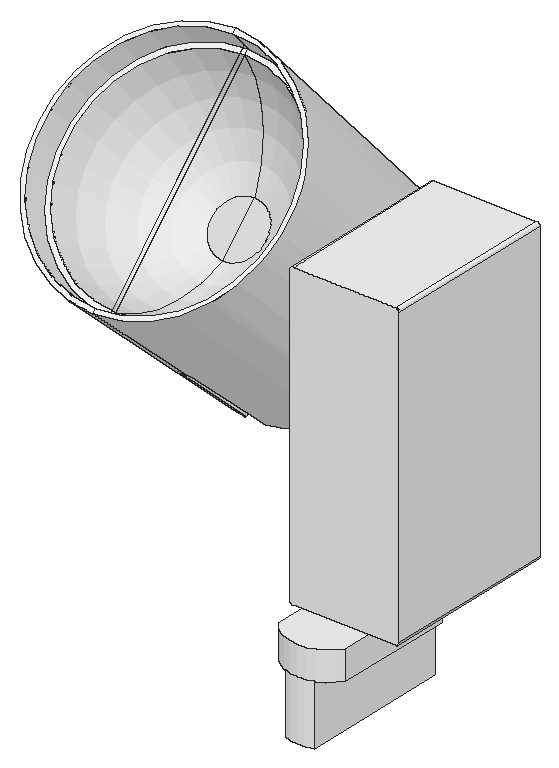
Revit family "0004865 Feilo Sylvania Lighting Fixture START TRACK SPOT L 35W 3K RA90 NB WHITE", category Lighting Fixtures, host Face, Revit 2017
Family settings
  Host = Face
  Round Connector Dimension = Use Diameter
  Part Type = Normal
  OmniClass Number = 23.80.70.00
  OmniClass Title = Lighting
  Cut with Voids When Loaded = No
  Light Source = No
  Shared = No
  Room Calculation Point = No
Parameters (values of type "0004865 START TRACK SPOT L 35W 3K RA90 NB WHITE")
  Weight = "1.368 kg"
  Wattage Comments = ""
  WarrantyStartDate [instance] = "n/a"
  WarrantyGuarantorParts = "n/a"
  WarrantyDurationUnit = "n/a"
  WarrantyDurationParts = "n/a"
  WarrantyDescription = "n/a"
  Voltage = 230 V
  URL = "http://www.sylvania-lighting.com"
  TypeName = "START TRACK SPOT L 35W 3K RA90 NB WHITE"
  TypeHead_FEILO = Start Track Spot Head : 0004865 START TRACK SPOT L 35W 3K RA90 NB WHITE
  TypeBox_FEILO = Start Track Spot Box : Type Large White
  Type Image = <None>
  Type Comments = "n/a"
  VerticalRotation_FEILO [instance] = 0.00°
  SlideEndAngle_FEILO [instance] = VerticalRotation_FEILO + 180.00°  # 180.00°
  SerialNumber [instance] = "n/a"
  Material_3_FEILO = none
  PowerFactor = 0.93
  PowerConsumption = "35 W"
  NominalLength = 0 mm
  NominalHeight = 240 mm
  NominalDepth = 164 mm
  Name = "START TRACK SPOT L 35W 3K RA90 NB WHITE"
  ModelReference = Name  # "START TRACK SPOT L 35W 3K RA90 NB WHITE"
  ModelNumber = "0004865"
  Model = Name  # "START TRACK SPOT L 35W 3K RA90 NB WHITE"
  Material = "adc12 aluminium housing, polycarbonate diffuser"
  ManufacturerName = "Feilo Sylvania"
  Manufacturer = "Feilo Sylvania"
  LuminousEfficacy = "94 lm/W"
  LuminaireType = ""
  LightOutputRatio = "100"
  LampsType = Lamp  # "LED"
  LampNominalLuminous = "3287 lm"
  LampMacAdamStep = "3"
  LampColourTemperature = "3000 K"
  LampColourRenderingIndex = "90"
  Lamp = "LED"
  Keynote = "16500"
  InstallationDate [instance] = "n/a"
  InputVoltage = "230-240V~"
  InputNominalFrequency = "50/60 Hz"
  IngressProtection = "IP20"
  ImpactProtectionIndex = "IK02"
  IfcExportType = "IfcLightFixtureType"
  IfcExportAs = "IfcLightFixtureType"
  HorizontalRotation_FEILO [instance] = 45.00°
  ExpectedLife = 50000
  ElectricShockClassification = "Class II"
  DurationUnit = "hours"
  DocumentationLiterature = "http://www.sylvania-lighting.com/product/en-int/products/0004865"
  DimmingControlOptions = "Non dimmable"
  Material_2_FEILO = none
  Description = "Integrated LED spotlight, Textured White - RAL9016, compact and minimalist design, ideal for retail applications, die-cast aluminium body, passive cooling heatsink. Beam angle: 15°, color temperature: 3000K , total system power: 35W, total fixture output: 3287 lm, LOR: 100%, colour rendering: Ra: 90 typical, LED Chromaticity: 3 step MacAdam ellipse, lifetime: >50000 hours at L70B50, energy class: A++, A+, A, IR/UV free light source without heat radiation, operating voltage: 220-240V / 50-60Hz, drive current: 900mA, electronic driver, non-dimmable, power factor: 0.93, electrical protection: Class II, Global Track 3 Phase adapter suitable for Global trac 3-circuit tracks, ingress protection rating: IP20, suitable for internal environment only, horizontal rotation: 355°, vertical tilt: 90°, dimensions: Ø113x164x240, weight: 1.368kg."
  Default Elevation = 1219.2 mm
  CreatedOn = "12/12/2017"
  CreatedBy = ""
  Cost = 0
  built-in parameter 1114216 [instance] = (empty or 0)
  ClassificationValue = "EF_70_80"
  ClassificationName = "Uniclass2015"
  Material_1_FEILO = Body-Sylvania-StartTrackSpot-White
  BarCode [instance] = "n/a"
  AssetType = "Fixed"
  AssetIdentifier [instance] = "n/a"
  Assembly Code = "D5020200"
  Apparent Load = 35 VA
  Material_4_FEILO = none
Reference planes
  plane 1 "Center (Front/Back)": y = 0
  plane 2: z = 0
  plane 3 "Center (Left/Right)": x = 0
  plane 4: x = 15
  plane 5: x = -15
  plane 6: y = 35
  plane 7: y = -35
  plane 8: z = 13
  plane 9: z = -27
  plane 10: x = 6.5
  plane 11: x = -6.5
  plane 12: y = 27
  plane 13: y = -27
  plane 14: y = 20
Forms (mm)
  Extrusion 1, solid, material "Body-Sylvania-StartTrackSpot-White" <- "Material_1_FEILO"
    sketch origin (0, 0, 0) x (1, 0, 0) y (0, 1, 0)
      loop
        line (-15, 27) -> (-15, -27)
        arc (-15, -27) -> (0, -35) -> (15, -27) r 18.062
        line (15, -27) -> (15, 27)
        arc (15, 27) -> (0, 35) -> (-15, 27) r 18.062
    from 0 to 13
  Extrusion 2, solid, material "Body-Sylvania-StartTrackSpot-White" <- "Material_1_FEILO"
    sketch origin (0, 0, 0) x (1, 0, 0) y (0, 1, 0)
      loop
        arc (6.5, 33.79) -> (0, 35) -> (-6.5, 33.79) r 18.062
        line (-6.5, 33.79) -> (-6.5, -33.79)
        arc (-6.5, -33.79) -> (0, -35) -> (6.5, -33.79) r 18.062
        line (6.5, -33.79) -> (6.5, 33.79)
    from 0 to -27
  Revolve 3, solid, not visible
    sketch origin (1524, 20, 1219.2) x (1, 0, 0) y (0, 0, 1)
      loop
        line (-1524, -1206.2) -> (-1524, -1191.285) -> (-1530.5, -1191.285) -> (-1530.5, -1206.2) -> (-1524, -1206.2)
      axis (-1524, -1191.285) -> (-1524, -1206.2)
    angle from 0 <- "VerticalRotation_FEILO" to 180 <- "SlideEndAngle_FEILO"
Cuts and joins
  joined: Extrusion 1, Extrusion 2
Dimensions and locks
  equal spacing: plane 10, plane 3 "Center (Left/Right)", plane 11
  equal spacing: plane 4, plane 3 "Center (Left/Right)", plane 5
  locked: plane 8 to plane 2 at 13
  locked: plane 8 to plane 9 at 40
  equal spacing: plane 13, plane 1 "Center (Front/Back)", plane 12
  locked: plane 12 to plane 6 at 8
  locked: plane 14 to plane 6 at 15
  locked: Revolve 3 sketch curve to plane 8 at 14.915
  aligned and locked: plane 2 to host face
  aligned and locked: level to host face
  aligned and locked: plane 5 to Extrusion 1 sketch curve  (x2)
  aligned and locked: plane 12 to Extrusion 1 sketch curve
  aligned and locked: plane 13 to Extrusion 1 sketch curve
  aligned and locked: plane 4 to Extrusion 1 sketch curve
  aligned and locked: Extrusion 1 to plane 8
  aligned and locked: Extrusion 1 to level
  aligned and locked: Extrusion 2 sketch curve to Extrusion 1  (x2)
  aligned and locked: Extrusion 2 sketch curve to plane 11
  aligned and locked: plane 10 to Extrusion 2 sketch curve
  aligned and locked: plane 9 to Extrusion 2
  aligned and locked: level to Extrusion 2
  aligned and locked: Revolve 3 sketch curve to plane 3 "Center (Left/Right)"  (x2)
  aligned and locked: plane 11 to Revolve 3 sketch curve
  aligned and locked: Revolve 3 sketch curve to plane 8
Automatic sketch dimensions
  host sketch curve to host sketch curve = 2438.4 mm  (x2)
  Extrusion 1 sketch curve to plane 3 "Center (Left/Right)" = 0 mm  (x2)
  Extrusion 1 sketch curve to plane 13 = 10.062 mm
  plane 12 to Extrusion 1 sketch curve = 10.062 mm
  Revolve 3 sketch curve to plane 3 "Center (Left/Right)" = 0 mm
  plane 9 to Revolve 3 sketch curve = 582.6 mm
  Revolve 3 sketch curve to Revolve 3 sketch curve = 2581.144 mm
Nested families
  nested 1: "Start Track Spot Head" at (-75.5, 20, 133) x (0, 0.7071, 0.7071) z (0, 0.7071, -0.7071), type <- "TypeHead_FEILO", type "0004865 START TRACK SPOT L 35W 3K RA90 NB WHITE"
    with built-in parameter 1114216 (empty or 0)
  nested 2: "Start Track Spot Box" at (8.5, 20, 85) x (-1, 0, 0) z (0, -1, 0), BoxStartAngle_FEILO <- "HorizontalRotation_FEILO", type <- "TypeBox_FEILO", type "Type Large White"
    with BoxStartAngle_FEILO 45.00°, BoxEndAngle_FEILO -135.00°
Connectors
  electrical at (0, 0, 0), driven by "Apparent Load", driven by "PowerFactor", driven by "Voltage"
    settings: index 1, voltage 230 V, apparent load 35 VA, apparent load phase1 0 VA, apparent load phase2 0 VA, apparent load phase3 0 VA, power factor 0.93, load classification "Lighting", number of poles 1, system type 30, power factor state 1, is connector primary yes, connector utility no, sub classification motor no, connector description ""
Definition of nested family "Start Track Spot Head"
  Parameters (values of type "0004811 START TRACK SPOT S 14W 3K RA80 NB WHITE")
    Wattage Comments = "n/a"
    Wattage = 14 W
    built-in parameter 1150110 = 1 (stored number, unit not read)
    URL = "http://www.feilosylvania.com"
    Type Image = (empty or 0)
    Type Comments = "n/a"
    built-in parameter 1114217 = 1 (stored number, unit not read)
    Tilt Angle = -90.00°
    built-in parameter 1150109 = 1 (stored number, unit not read)
    built-in parameter 1150134 = (empty or 0)
    built-in parameter 1150113 = 1 (stored number, unit not read)
    Photometric Web File = "0004811.ies"
    Material_3_FEILO = none
    Model = "START TRACK SPOT S 14W 3K RA80 NB WHITE"
    Manufacturer = "Feilo Sylvania"
    built-in parameter 1150105 = 123.66 (stored number, unit not read)
    Lumens = 1554 lm
    built-in parameter 1150115 = 1 (stored number, unit not read)
    built-in parameter 1150137 = (empty or 0)
    built-in parameter 1150139 = (empty or 0)
    built-in parameter 1150112 = 1 (stored number, unit not read)
    built-in parameter 1150114 = 1 (stored number, unit not read)
    Lamp = "LED"
    Keynote = "16500"
    Material_2_FEILO = none
    built-in parameter 1150132 = (empty or 0)
    built-in parameter 1150102 = (empty or 0)
    built-in parameter 1150107 = 3000 (stored number, unit not read)
    built-in parameter 1150138 = (empty or 0)
    built-in parameter 1150106 = 1.2366 (stored number, unit not read)
    HeadThickness_FEILO = if(HeadDiaOut_FEILO > 112 mm, 2 mm, 1.5 mm)  # 1.5 mm
    HeadRibOffset_FEILO = HeadHeight_FEILO / 28  # 4.179 mm
    HeadRibDepth_FEILO = HeadHeight_FEILO / 2.1  # 55.714 mm
    HeadRibCutWidth_FEILO = HeadDiaOut_FEILO / 12  # 7.167 mm
    HeadRibCutOffset_FEILO = HeadHeight_FEILO / 2.3  # 50.87 mm
    HeadReflectorRadius_FEILO = HeadDiaOut_FEILO / 1.7  # 50.588 mm
    HeadReflectorOffset_FEILO = HeadHeight_FEILO / 2.1  # 55.714 mm
    HeadLEDRadius_FEILO = HeadDiaOut_FEILO / 9  # 9.556 mm
    HeadHeight_FEILO = 117 mm
    HeadDraft_FEILO = 1 mm
    HeadDiffusorThickness_FEILO = 3 mm
    HeadDiffusorOffset_FEILO = HeadHeight_FEILO / 12.4  # 9.435 mm
    HeadDiaOut_FEILO = 86 mm
    HeadDiaIn_FEILO = HeadDiaOut_FEILO / 1.11  # 77.477 mm
    HeadAxisFromTop_FEILO = HeadHeight_FEILO / 1.687  # 69.354 mm
    Emit from Circle Diameter = HeadDiaIn_FEILO  # 77.477 mm
    Emit Shape Visible in Rendering = no
    built-in parameter 1150104 = 10.312 (stored number, unit not read)
    Dimming Lamp Color Temperature Shift = (empty or 0)
    Description = "Integrated LED spotlight, Textured White - RAL9016, compact and minimalist design, ideal for retail applications, die-cast aluminium body, passive cooling heatsink. Beam angle: 12°, color temperature: 3000K , total system power: 14W, total fixture output: 1551 lm, LOR: 100%, colour rendering: Ra: 80 typical, LED Chromaticity: 3 step MacAdam ellipse, lifetime: >50000 hours at L70B50, energy class: A++, A+, A, IR/UV free light source without heat radiation, operating voltage: 220-240V / 50-60Hz, drive current: 350mA, electronic driver, non-dimmable, power factor: 0.92, electrical protection: Class II, Global Track 3 Phase adapter suitable for Global trac 3-circuit tracks, ingress protection rating: IP20, suitable for internal environment only, horizontal rotation: 355°, vertical tilt: 90°, dimensions: Ø86x140x200, weight: 0.940kg."
    Default Elevation = 1219.2 mm
    Cost = 0
    Color Filter = 16777215
    built-in parameter 1114216 [instance] = (empty or 0)
    Material_1_FEILO = none
    built-in parameter 1114218 = 1 (stored number, unit not read)
    built-in parameter 1150133 = 10 (stored number, unit not read)
    Assembly Code = "D5020200"
    Apparent Load = 14 VA
    Material_4_FEILO = none
  Types (96, lengths in mm): name | Wattage | built-in parameter 1150134 | Photometric Web File | Model | built-in parameter 1150105 | Lumens | built-in parameter 1150107 | built-in parameter 1150106 | HeadThickness_FEILO | HeadRibOffset_FEILO | HeadRibDepth_FEILO | HeadRibCutWidth_FEILO | HeadRibCutOffset_FEILO | HeadReflectorRadius_FEILO | HeadReflectorOffset_FEILO | HeadLEDRadius_FEILO | HeadHeight_FEILO | HeadDiffusorOffset_FEILO | HeadDiaOut_FEILO | HeadDiaIn_FEILO | HeadAxisFromTop_FEILO | Emit from Circle Diameter | built-in parameter 1150104 | Description | Apparent Load
    0004906 START TRACK SPOT L 55W 4K RA90 WB BLACK | 55 W | 12 | "0004906.ies" | "START TRACK SPOT L 55W 4K RA90 WB BLACK" | 385.15 (stored number, unit not read) | 4840 lm | 4000 (stored number, unit not read) | 3.8515 (stored number, unit not read) | 2 | 4.429 | 59.048 | 9.417 | 53.913 | 66.471 | 59.048 | 12.556 | 124 | 10 | 113 | 101.802 | 73.503 | 101.802 | 8.1755 (stored number, unit not read) | "Integrated LED spotlight, Textured Black - RAL9005, compact and minimalist design, ideal for retail applications, die-cast aluminium body, passive cooling heatsink. Beam angle: 52°, color temperature: 4000K , total system power: 55W, total fixture output: 4824 lm, LOR: 100%, colour rendering: Ra: 90 typical, LED Chromaticity: 3 step MacAdam ellipse, lifetime: >50000 hours at L70B50, energy class: A++, A+, A, IR/UV free light source without heat radiation, operating voltage: 220-240V / 50-60Hz, drive current: 1400mA, electronic driver, non-dimmable, power factor: 0.96, electrical protection: Class II, Global Track 3 Phase adapter suitable for Global trac 3-circuit tracks, ingress protection rating: IP20, suitable for internal environment only, horizontal rotation: 355°, vertical tilt: 90°, dimensions: Ø113x164x240, weight: 1.398kg." | 55 VA
    0004905 START TRACK SPOT L 55W 4K RA90 MB BLACK | 55 W | 12 | "0004905.ies" | "START TRACK SPOT L 55W 4K RA90 MB BLACK" | 389.53 (stored number, unit not read) | 4895 lm | 4000 (stored number, unit not read) | 3.8953 (stored number, unit not read) | 2 | 4.429 | 59.048 | 9.417 | 53.913 | 66.471 | 59.048 | 12.556 | 124 | 10 | 113 | 101.802 | 73.503 | 101.802 | 8.2684 (stored number, unit not read) | "Integrated LED spotlight, Textured Black - RAL9005, compact and minimalist design, ideal for retail applications, die-cast aluminium body, passive cooling heatsink. Beam angle: 38°, color temperature: 4000K , total system power: 55W, total fixture output: 4897 lm, LOR: 100%, colour rendering: Ra: 90 typical, LED Chromaticity: 3 step MacAdam ellipse, lifetime: >50000 hours at L70B50, energy class: A++, A+, A, IR/UV free light source without heat radiation, operating voltage: 220-240V / 50-60Hz, drive current: 1400mA, electronic driver, non-dimmable, power factor: 0.96, electrical protection: Class II, Global Track 3 Phase adapter suitable for Global trac 3-circuit tracks, ingress protection rating: IP20, suitable for internal environment only, horizontal rotation: 355°, vertical tilt: 90°, dimensions: Ø113x164x240, weight: 1.398kg." | 55 VA
    0004904 START TRACK SPOT L 55W 4K RA90 NB BLACK | 55 W | 12 | "0004904.ies" | "START TRACK SPOT L 55W 4K RA90 NB BLACK" | 393.91 (stored number, unit not read) | 4950 lm | 4000 (stored number, unit not read) | 3.9391 (stored number, unit not read) | 2 | 4.429 | 59.048 | 9.417 | 53.913 | 66.471 | 59.048 | 12.556 | 124 | 10 | 113 | 101.802 | 73.503 | 101.802 | 8.3613 (stored number, unit not read) | "Integrated LED spotlight, Textured Black - RAL9005, compact and minimalist design, ideal for retail applications, die-cast aluminium body, passive cooling heatsink. Beam angle: 15°, color temperature: 4000K , total system power: 55W, total fixture output: 4965 lm, LOR: 100%, colour rendering: Ra: 90 typical, LED Chromaticity: 3 step MacAdam ellipse, lifetime: >50000 hours at L70B50, energy class: A++, A+, A, IR/UV free light source without heat radiation, operating voltage: 220-240V / 50-60Hz, drive current: 1400mA, electronic driver, non-dimmable, power factor: 0.96, electrical protection: Class II, Global Track 3 Phase adapter suitable for Global trac 3-circuit tracks, ingress protection rating: IP20, suitable for internal environment only, horizontal rotation: 355°, vertical tilt: 90°, dimensions: Ø113x164x240, weight: 1.398kg." | 55 VA
    0004903 START TRACK SPOT L 35W 4K RA90 WB BLACK | 35 W | 12 | "0004903.ies" | "START TRACK SPOT L 35W 4K RA90 WB BLACK" | 284.09 (stored number, unit not read) | 3570 lm | 4000 (stored number, unit not read) | 2.8409 (stored number, unit not read) | 2 | 4.429 | 59.048 | 9.417 | 53.913 | 66.471 | 59.048 | 12.556 | 124 | 10 | 113 | 101.802 | 73.503 | 101.802 | 9.4761 (stored number, unit not read) | "Integrated LED spotlight, Textured Black - RAL9005, compact and minimalist design, ideal for retail applications, die-cast aluminium body, passive cooling heatsink. Beam angle: 52°, color temperature: 4000K , total system power: 35W, total fixture output: 3562 lm, LOR: 100%, colour rendering: Ra: 90 typical, LED Chromaticity: 3 step MacAdam ellipse, lifetime: >50000 hours at L70B50, energy class: A++, A+, A, IR/UV free light source without heat radiation, operating voltage: 220-240V / 50-60Hz, drive current: 900mA, electronic driver, non-dimmable, power factor: 0.93, electrical protection: Class II, Global Track 3 Phase adapter suitable for Global trac 3-circuit tracks, ingress protection rating: IP20, suitable for internal environment only, horizontal rotation: 355°, vertical tilt: 90°, dimensions: Ø113x164x240, weight: 1.368kg." | 35 VA
    0004902 START TRACK SPOT L 35W 4K RA90 MB BLACK | 35 W | 12 | "0004902.ies" | "START TRACK SPOT L 35W 4K RA90 MB BLACK" | 286.88 (stored number, unit not read) | 3605 lm | 4000 (stored number, unit not read) | 2.8688 (stored number, unit not read) | 2 | 4.429 | 59.048 | 9.417 | 53.913 | 66.471 | 59.048 | 12.556 | 124 | 10 | 113 | 101.802 | 73.503 | 101.802 | 9.569 (stored number, unit not read) | "Integrated LED spotlight, Textured Black - RAL9005, compact and minimalist design, ideal for retail applications, die-cast aluminium body, passive cooling heatsink. Beam angle: 38°, color temperature: 4000K , total system power: 35W, total fixture output: 3616 lm, LOR: 100%, colour rendering: Ra: 90 typical, LED Chromaticity: 3 step MacAdam ellipse, lifetime: >50000 hours at L70B50, energy class: A++, A+, A, IR/UV free light source without heat radiation, operating voltage: 220-240V / 50-60Hz, drive current: 900mA, electronic driver, non-dimmable, power factor: 0.93, electrical protection: Class II, Global Track 3 Phase adapter suitable for Global trac 3-circuit tracks, ingress protection rating: IP20, suitable for internal environment only, horizontal rotation: 355°, vertical tilt: 90°, dimensions: Ø113x164x240, weight: 1.368kg." | 35 VA
    0004901 START TRACK SPOT L 35W 4K RA90 NB BLACK | 35 W | 12 | "0004901.ies" | "START TRACK SPOT L 35W 4K RA90 NB BLACK" | 286.88 (stored number, unit not read) | 3605 lm | 4000 (stored number, unit not read) | 2.8688 (stored number, unit not read) | 2 | 4.429 | 59.048 | 9.417 | 53.913 | 66.471 | 59.048 | 12.556 | 124 | 10 | 113 | 101.802 | 73.503 | 101.802 | 9.569 (stored number, unit not read) | "Integrated LED spotlight, Textured Black - RAL9005, compact and minimalist design, ideal for retail applications, die-cast aluminium body, passive cooling heatsink. Beam angle: 15°, color temperature: 4000K , total system power: 35W, total fixture output: 3593 lm, LOR: 100%, colour rendering: Ra: 90 typical, LED Chromaticity: 3 step MacAdam ellipse, lifetime: >50000 hours at L70B50, energy class: A++, A+, A, IR/UV free light source without heat radiation, operating voltage: 220-240V / 50-60Hz, drive current: 900mA, electronic driver, non-dimmable, power factor: 0.93, electrical protection: Class II, Global Track 3 Phase adapter suitable for Global trac 3-circuit tracks, ingress protection rating: IP20, suitable for internal environment only, horizontal rotation: 355°, vertical tilt: 90°, dimensions: Ø113x164x240, weight: 1.368kg." | 35 VA
    0004900 START TRACK SPOT S 24W 4K RA90 WB BLACK | 24 W | 12 | "0004900.ies" | "START TRACK SPOT S 24W 4K RA90 WB BLACK" | 166.16 (stored number, unit not read) | 2088 lm | 4000 (stored number, unit not read) | 1.6616 (stored number, unit not read) | 1.5 | 4.179 | 55.714 | 7.167 | 50.87 | 50.588 | 55.714 | 9.556 | 117 | 9.435 | 86 | 77.477 | 69.354 | 77.477 | 8.0826 (stored number, unit not read) | "Integrated LED spotlight, Textured Black - RAL9005, compact and minimalist design, ideal for retail applications, die-cast aluminium body, passive cooling heatsink. Beam angle: 64°, color temperature: 4000K , total system power: 24W, total fixture output: 2087 lm, LOR: 100%, colour rendering: Ra: 90 typical, LED Chromaticity: 3 step MacAdam ellipse, lifetime: >50000 hours at L70B50, energy class: A++, A+, A, IR/UV free light source without heat radiation, operating voltage: 220-240V / 50-60Hz, drive current: 600mA, electronic driver, non-dimmable, power factor: 0.95, electrical protection: Class II, Global Track 3 Phase adapter suitable for Global trac 3-circuit tracks, ingress protection rating: IP20, suitable for internal environment only, horizontal rotation: 355°, vertical tilt: 90°, dimensions: Ø86x140x200, weight: 0.966kg." | 24 VA
    0004899 START TRACK SPOT S 24W 4K RA90 MB BLACK | 24 W | 12 | "0004899.ies" | "START TRACK SPOT S 24W 4K RA90 MB BLACK" | 169.98 (stored number, unit not read) | 2136 lm | 4000 (stored number, unit not read) | 1.6998 (stored number, unit not read) | 1.5 | 4.179 | 55.714 | 7.167 | 50.87 | 50.588 | 55.714 | 9.556 | 117 | 9.435 | 86 | 77.477 | 69.354 | 77.477 | 8.2684 (stored number, unit not read) | "Integrated LED spotlight, Textured Black - RAL9005, compact and minimalist design, ideal for retail applications, die-cast aluminium body, passive cooling heatsink. Beam angle: 36°, color temperature: 4000K , total system power: 24W, total fixture output: 2141 lm, LOR: 100%, colour rendering: Ra: 90 typical, LED Chromaticity: 3 step MacAdam ellipse, lifetime: >50000 hours at L70B50, energy class: A++, A+, A, IR/UV free light source without heat radiation, operating voltage: 220-240V / 50-60Hz, drive current: 600mA, electronic driver, non-dimmable, power factor: 0.95, electrical protection: Class II, Global Track 3 Phase adapter suitable for Global trac 3-circuit tracks, ingress protection rating: IP20, suitable for internal environment only, horizontal rotation: 355°, vertical tilt: 90°, dimensions: Ø86x140x200, weight: 0.966kg." | 24 VA
    0004898 START TRACK SPOT S 24W 4K RA90 NB BLACK | 24 W | 12 | "0004898.ies" | "START TRACK SPOT S 24W 4K RA90 NB BLACK" | 171.89 (stored number, unit not read) | 2160 lm | 4000 (stored number, unit not read) | 1.7189 (stored number, unit not read) | 1.5 | 4.179 | 55.714 | 7.167 | 50.87 | 50.588 | 55.714 | 9.556 | 117 | 9.435 | 86 | 77.477 | 69.354 | 77.477 | 8.3613 (stored number, unit not read) | "Integrated LED spotlight, Textured Black - RAL9005, compact and minimalist design, ideal for retail applications, die-cast aluminium body, passive cooling heatsink. Beam angle: 12°, color temperature: 4000K , total system power: 24W, total fixture output: 2155 lm, LOR: 100%, colour rendering: Ra: 90 typical, LED Chromaticity: 3 step MacAdam ellipse, lifetime: >50000 hours at L70B50, energy class: A++, A+, A, IR/UV free light source without heat radiation, operating voltage: 220-240V / 50-60Hz, drive current: 600mA, electronic driver, non-dimmable, power factor: 0.95, electrical protection: Class II, Global Track 3 Phase adapter suitable for Global trac 3-circuit tracks, ingress protection rating: IP20, suitable for internal environment only, horizontal rotation: 355°, vertical tilt: 90°, dimensions: Ø86x140x200, weight: 0.966kg." | 24 VA
    0004897 START TRACK SPOT S 14W 4K RA90 WB BLACK | 14 W | 12 | "0004897.ies" | "START TRACK SPOT S 14W 4K RA90 WB BLACK" | 108.07 (stored number, unit not read) | 1358 lm | 4000 (stored number, unit not read) | 1.0807 (stored number, unit not read) | 1.5 | 4.179 | 55.714 | 7.167 | 50.87 | 50.588 | 55.714 | 9.556 | 117 | 9.435 | 86 | 77.477 | 69.354 | 77.477 | 9.0116 (stored number, unit not read) | "Integrated LED spotlight, Textured Black - RAL9005, compact and minimalist design, ideal for retail applications, die-cast aluminium body, passive cooling heatsink. Beam angle: 64°, color temperature: 4000K , total system power: 14W, total fixture output: 1352 lm, LOR: 100%, colour rendering: Ra: 90 typical, LED Chromaticity: 3 step MacAdam ellipse, lifetime: >50000 hours at L70B50, energy class: A++, A+, A, IR/UV free light source without heat radiation, operating voltage: 220-240V / 50-60Hz, drive current: 350mA, electronic driver, non-dimmable, power factor: 0.92, electrical protection: Class II, Global Track 3 Phase adapter suitable for Global trac 3-circuit tracks, ingress protection rating: IP20, suitable for internal environment only, horizontal rotation: 355°, vertical tilt: 90°, dimensions: Ø86x140x200, weight: 0.940kg." | 14 VA
    0004896 START TRACK SPOT S 14W 4K RA90 MB BLACK | 14 W | 12 | "0004896.ies" | "START TRACK SPOT S 14W 4K RA90 MB BLACK" | 108.07 (stored number, unit not read) | 1358 lm | 4000 (stored number, unit not read) | 1.0807 (stored number, unit not read) | 1.5 | 4.179 | 55.714 | 7.167 | 50.87 | 50.588 | 55.714 | 9.556 | 117 | 9.435 | 86 | 77.477 | 69.354 | 77.477 | 9.0116 (stored number, unit not read) | "Integrated LED spotlight, Textured Black - RAL9005, compact and minimalist design, ideal for retail applications, die-cast aluminium body, passive cooling heatsink. Beam angle: 36°, color temperature: 4000K , total system power: 14W, total fixture output: 1359 lm, LOR: 100%, colour rendering: Ra: 90 typical, LED Chromaticity: 3 step MacAdam ellipse, lifetime: >50000 hours at L70B50, energy class: A++, A+, A, IR/UV free light source without heat radiation, operating voltage: 220-240V / 50-60Hz, drive current: 350mA, electronic driver, non-dimmable, power factor: 0.92, electrical protection: Class II, Global Track 3 Phase adapter suitable for Global trac 3-circuit tracks, ingress protection rating: IP20, suitable for internal environment only, horizontal rotation: 355°, vertical tilt: 90°, dimensions: Ø86x140x200, weight: 0.940kg." | 14 VA
    0004895 START TRACK SPOT S 14W 4K RA90 NB BLACK | 14 W | 12 | "0004895.ies" | "START TRACK SPOT S 14W 4K RA90 NB BLACK" | 106.95 (stored number, unit not read) | 1344 lm | 4000 (stored number, unit not read) | 1.0695 (stored number, unit not read) | 1.5 | 4.179 | 55.714 | 7.167 | 50.87 | 50.588 | 55.714 | 9.556 | 117 | 9.435 | 86 | 77.477 | 69.354 | 77.477 | 8.9187 (stored number, unit not read) | "Integrated LED spotlight, Textured Black - RAL9005, compact and minimalist design, ideal for retail applications, die-cast aluminium body, passive cooling heatsink. Beam angle: 12°, color temperature: 4000K , total system power: 14W, total fixture output: 1349 lm, LOR: 100%, colour rendering: Ra: 90 typical, LED Chromaticity: 3 step MacAdam ellipse, lifetime: >50000 hours at L70B50, energy class: A++, A+, A, IR/UV free light source without heat radiation, operating voltage: 220-240V / 50-60Hz, drive current: 350mA, electronic driver, non-dimmable, power factor: 0.92, electrical protection: Class II, Global Track 3 Phase adapter suitable for Global trac 3-circuit tracks, ingress protection rating: IP20, suitable for internal environment only, horizontal rotation: 355°, vertical tilt: 90°, dimensions: Ø86x140x200, weight: 0.940kg." | 14 VA
    0004894 START TRACK SPOT L 55W 3K RA90 WB BLACK | 55 W | (empty or 0) | "0004894.ies" | "START TRACK SPOT L 55W 3K RA90 WB BLACK" | 350.14 (stored number, unit not read) | 4400 lm | 3000 (stored number, unit not read) | 3.5014 (stored number, unit not read) | 2 | 4.429 | 59.048 | 9.417 | 53.913 | 66.471 | 59.048 | 12.556 | 124 | 10 | 113 | 101.802 | 73.503 | 101.802 | 7.4322 (stored number, unit not read) | "Integrated LED spotlight, Textured Black - RAL9005, compact and minimalist design, ideal for retail applications, die-cast aluminium body, passive cooling heatsink. Beam angle: 52°, color temperature: 3000K , total system power: 55W, total fixture output: 4405 lm, LOR: 100%, colour rendering: Ra: 90 typical, LED Chromaticity: 3 step MacAdam ellipse, lifetime: >50000 hours at L70B50, energy class: A++, A+, A, IR/UV free light source without heat radiation, operating voltage: 220-240V / 50-60Hz, drive current: 1400mA, electronic driver, non-dimmable, power factor: 0.96, electrical protection: Class II, Global Track 3 Phase adapter suitable for Global trac 3-circuit tracks, ingress protection rating: IP20, suitable for internal environment only, horizontal rotation: 355°, vertical tilt: 90°, dimensions: Ø113x164x240, weight: 1.398kg." | 55 VA
    0004893 START TRACK SPOT L 55W 3K RA90 MB BLACK | 55 W | (empty or 0) | "0004893.ies" | "START TRACK SPOT L 55W 3K RA90 MB BLACK" | 354.52 (stored number, unit not read) | 4455 lm | 3000 (stored number, unit not read) | 3.5452 (stored number, unit not read) | 2 | 4.429 | 59.048 | 9.417 | 53.913 | 66.471 | 59.048 | 12.556 | 124 | 10 | 113 | 101.802 | 73.503 | 101.802 | 7.5251 (stored number, unit not read) | "Integrated LED spotlight, Textured Black - RAL9005, compact and minimalist design, ideal for retail applications, die-cast aluminium body, passive cooling heatsink. Beam angle: 38°, color temperature: 3000K , total system power: 55W, total fixture output: 4448 lm, LOR: 100%, colour rendering: Ra: 90 typical, LED Chromaticity: 3 step MacAdam ellipse, lifetime: >50000 hours at L70B50, energy class: A++, A+, A, IR/UV free light source without heat radiation, operating voltage: 220-240V / 50-60Hz, drive current: 1400mA, electronic driver, non-dimmable, power factor: 0.96, electrical protection: Class II, Global Track 3 Phase adapter suitable for Global trac 3-circuit tracks, ingress protection rating: IP20, suitable for internal environment only, horizontal rotation: 355°, vertical tilt: 90°, dimensions: Ø113x164x240, weight: 1.398kg." | 55 VA
    0004892 START TRACK SPOT L 55W 3K RA90 NB BLACK | 55 W | (empty or 0) | "0004892.ies" | "START TRACK SPOT L 55W 3K RA90 NB BLACK" | 350.14 (stored number, unit not read) | 4400 lm | 3000 (stored number, unit not read) | 3.5014 (stored number, unit not read) | 2 | 4.429 | 59.048 | 9.417 | 53.913 | 66.471 | 59.048 | 12.556 | 124 | 10 | 113 | 101.802 | 73.503 | 101.802 | 7.4322 (stored number, unit not read) | "Integrated LED spotlight, Textured Black - RAL9005, compact and minimalist design, ideal for retail applications, die-cast aluminium body, passive cooling heatsink. Beam angle: 15°, color temperature: 3000K , total system power: 55W, total fixture output: 4416 lm, LOR: 100%, colour rendering: Ra: 90 typical, LED Chromaticity: 3 step MacAdam ellipse, lifetime: >50000 hours at L70B50, energy class: A++, A+, A, IR/UV free light source without heat radiation, operating voltage: 220-240V / 50-60Hz, drive current: 1400mA, electronic driver, non-dimmable, power factor: 0.96, electrical protection: Class II, Global Track 3 Phase adapter suitable for Global trac 3-circuit tracks, ingress protection rating: IP20, suitable for internal environment only, horizontal rotation: 355°, vertical tilt: 90°, dimensions: Ø113x164x240, weight: 1.398kg." | 55 VA
    0004891 START TRACK SPOT L 35W 3K RA90 WB BLACK | 35 W | (empty or 0) | "0004891.ies" | "START TRACK SPOT L 35W 3K RA90 WB BLACK" | 259.02 (stored number, unit not read) | 3255 lm | 3000 (stored number, unit not read) | 2.5902 (stored number, unit not read) | 2 | 4.429 | 59.048 | 9.417 | 53.913 | 66.471 | 59.048 | 12.556 | 124 | 10 | 113 | 101.802 | 73.503 | 101.802 | 8.64 (stored number, unit not read) | "Integrated LED spotlight, Textured Black - RAL9005, compact and minimalist design, ideal for retail applications, die-cast aluminium body, passive cooling heatsink. Beam angle: 52°, color temperature: 3000K , total system power: 35W, total fixture output: 3260 lm, LOR: 100%, colour rendering: Ra: 90 typical, LED Chromaticity: 3 step MacAdam ellipse, lifetime: >50000 hours at L70B50, energy class: A++, A+, A, IR/UV free light source without heat radiation, operating voltage: 220-240V / 50-60Hz, drive current: 900mA, electronic driver, non-dimmable, power factor: 0.93, electrical protection: Class II, Global Track 3 Phase adapter suitable for Global trac 3-circuit tracks, ingress protection rating: IP20, suitable for internal environment only, horizontal rotation: 355°, vertical tilt: 90°, dimensions: Ø113x164x240, weight: 1.368kg." | 35 VA
    0004890 START TRACK SPOT L 35W 3K RA90 MB BLACK | 35 W | (empty or 0) | "0004890.ies" | "START TRACK SPOT L 35W 3K RA90 MB BLACK" | 261.81 (stored number, unit not read) | 3290 lm | 3000 (stored number, unit not read) | 2.6181 (stored number, unit not read) | 2 | 4.429 | 59.048 | 9.417 | 53.913 | 66.471 | 59.048 | 12.556 | 124 | 10 | 113 | 101.802 | 73.503 | 101.802 | 8.7329 (stored number, unit not read) | "Integrated LED spotlight, Textured Black - RAL9005, compact and minimalist design, ideal for retail applications, die-cast aluminium body, passive cooling heatsink. Beam angle: 38°, color temperature: 3000K , total system power: 35W, total fixture output: 3306 lm, LOR: 100%, colour rendering: Ra: 90 typical, LED Chromaticity: 3 step MacAdam ellipse, lifetime: >50000 hours at L70B50, energy class: A++, A+, A, IR/UV free light source without heat radiation, operating voltage: 220-240V / 50-60Hz, drive current: 900mA, electronic driver, non-dimmable, power factor: 0.93, electrical protection: Class II, Global Track 3 Phase adapter suitable for Global trac 3-circuit tracks, ingress protection rating: IP20, suitable for internal environment only, horizontal rotation: 355°, vertical tilt: 90°, dimensions: Ø113x164x240, weight: 1.368kg." | 35 VA
    0004889 START TRACK SPOT L 35W 3K RA90 NB BLACK | 35 W | (empty or 0) | "0004889.ies" | "START TRACK SPOT L 35W 3K RA90 NB BLACK" | 261.81 (stored number, unit not read) | 3290 lm | 3000 (stored number, unit not read) | 2.6181 (stored number, unit not read) | 2 | 4.429 | 59.048 | 9.417 | 53.913 | 66.471 | 59.048 | 12.556 | 124 | 10 | 113 | 101.802 | 73.503 | 101.802 | 8.7329 (stored number, unit not read) | "Integrated LED spotlight, Textured Black - RAL9005, compact and minimalist design, ideal for retail applications, die-cast aluminium body, passive cooling heatsink. Beam angle: 15°, color temperature: 3000K , total system power: 35W, total fixture output: 3287 lm, LOR: 100%, colour rendering: Ra: 90 typical, LED Chromaticity: 3 step MacAdam ellipse, lifetime: >50000 hours at L70B50, energy class: A++, A+, A, IR/UV free light source without heat radiation, operating voltage: 220-240V / 50-60Hz, drive current: 900mA, electronic driver, non-dimmable, power factor: 0.93, electrical protection: Class II, Global Track 3 Phase adapter suitable for Global trac 3-circuit tracks, ingress protection rating: IP20, suitable for internal environment only, horizontal rotation: 355°, vertical tilt: 90°, dimensions: Ø113x164x240, weight: 1.368kg." | 35 VA
    0004888 START TRACK SPOT S 24W 3K RA90 WB BLACK | 24 W | (empty or 0) | "0004888.ies" | "START TRACK SPOT S 24W 3K RA90 WB BLACK" | 152.79 (stored number, unit not read) | 1920 lm | 3000 (stored number, unit not read) | 1.5279 (stored number, unit not read) | 1.5 | 4.179 | 55.714 | 7.167 | 50.87 | 50.588 | 55.714 | 9.556 | 117 | 9.435 | 86 | 77.477 | 69.354 | 77.477 | 7.4322 (stored number, unit not read) | "Integrated LED spotlight, Textured Black - RAL9005, compact and minimalist design, ideal for retail applications, die-cast aluminium body, passive cooling heatsink. Beam angle: 64°, color temperature: 3000K , total system power: 24W, total fixture output: 1928 lm, LOR: 100%, colour rendering: Ra: 90 typical, LED Chromaticity: 3 step MacAdam ellipse, lifetime: >50000 hours at L70B50, energy class: A++, A+, A, IR/UV free light source without heat radiation, operating voltage: 220-240V / 50-60Hz, drive current: 600mA, electronic driver, non-dimmable, power factor: 0.95, electrical protection: Class II, Global Track 3 Phase adapter suitable for Global trac 3-circuit tracks, ingress protection rating: IP20, suitable for internal environment only, horizontal rotation: 355°, vertical tilt: 90°, dimensions: Ø86x140x200, weight: 0.966kg." | 24 VA
    0004887 START TRACK SPOT S 24W 3K RA90 MB BLACK | 24 W | (empty or 0) | "0004887.ies" | "START TRACK SPOT S 24W 3K RA90 MB BLACK" | 154.7 (stored number, unit not read) | 1944 lm | 3000 (stored number, unit not read) | 1.547 (stored number, unit not read) | 1.5 | 4.179 | 55.714 | 7.167 | 50.87 | 50.588 | 55.714 | 9.556 | 117 | 9.435 | 86 | 77.477 | 69.354 | 77.477 | 7.5251 (stored number, unit not read) | "Integrated LED spotlight, Textured Black - RAL9005, compact and minimalist design, ideal for retail applications, die-cast aluminium body, passive cooling heatsink. Beam angle: 36°, color temperature: 3000K , total system power: 24W, total fixture output: 1944 lm, LOR: 100%, colour rendering: Ra: 90 typical, LED Chromaticity: 3 step MacAdam ellipse, lifetime: >50000 hours at L70B50, energy class: A++, A+, A, IR/UV free light source without heat radiation, operating voltage: 220-240V / 50-60Hz, drive current: 600mA, electronic driver, non-dimmable, power factor: 0.95, electrical protection: Class II, Global Track 3 Phase adapter suitable for Global trac 3-circuit tracks, ingress protection rating: IP20, suitable for internal environment only, horizontal rotation: 355°, vertical tilt: 90°, dimensions: Ø86x140x200, weight: 0.966kg." | 24 VA
    0004886 START TRACK SPOT S 24W 3K RA90 NB BLACK | 24 W | (empty or 0) | "0004886.ies" | "START TRACK SPOT S 24W 3K RA90 NB BLACK" | 158.52 (stored number, unit not read) | 1992 lm | 3000 (stored number, unit not read) | 1.5852 (stored number, unit not read) | 1.5 | 4.179 | 55.714 | 7.167 | 50.87 | 50.588 | 55.714 | 9.556 | 117 | 9.435 | 86 | 77.477 | 69.354 | 77.477 | 7.711 (stored number, unit not read) | "Integrated LED spotlight, Textured Black - RAL9005, compact and minimalist design, ideal for retail applications, die-cast aluminium body, passive cooling heatsink. Beam angle: 12°, color temperature: 3000K , total system power: 24W, total fixture output: 1987 lm, LOR: 100%, colour rendering: Ra: 90 typical, LED Chromaticity: 3 step MacAdam ellipse, lifetime: >50000 hours at L70B50, energy class: A++, A+, A, IR/UV free light source without heat radiation, operating voltage: 220-240V / 50-60Hz, drive current: 600mA, electronic driver, non-dimmable, power factor: 0.95, electrical protection: Class II, Global Track 3 Phase adapter suitable for Global trac 3-circuit tracks, ingress protection rating: IP20, suitable for internal environment only, horizontal rotation: 355°, vertical tilt: 90°, dimensions: Ø86x140x200, weight: 0.966kg." | 24 VA
    0004885 START TRACK SPOT S 14W 3K RA90 WB BLACK | 14 W | (empty or 0) | "0004885.ies" | "START TRACK SPOT S 14W 3K RA90 WB BLACK" | 100.27 (stored number, unit not read) | 1260 lm | 3000 (stored number, unit not read) | 1.0027 (stored number, unit not read) | 1.5 | 4.179 | 55.714 | 7.167 | 50.87 | 50.588 | 55.714 | 9.556 | 117 | 9.435 | 86 | 77.477 | 69.354 | 77.477 | 8.3613 (stored number, unit not read) | "Integrated LED spotlight, Textured Black - RAL9005, compact and minimalist design, ideal for retail applications, die-cast aluminium body, passive cooling heatsink. Beam angle: 64°, color temperature: 3000K , total system power: 14W, total fixture output: 1262 lm, LOR: 100%, colour rendering: Ra: 90 typical, LED Chromaticity: 3 step MacAdam ellipse, lifetime: >50000 hours at L70B50, energy class: A++, A+, A, IR/UV free light source without heat radiation, operating voltage: 220-240V / 50-60Hz, drive current: 350mA, electronic driver, non-dimmable, power factor: 0.92, electrical protection: Class II, Global Track 3 Phase adapter suitable for Global trac 3-circuit tracks, ingress protection rating: IP20, suitable for internal environment only, horizontal rotation: 355°, vertical tilt: 90°, dimensions: Ø86x140x200, weight: 0.940kg." | 14 VA
    0004884 START TRACK SPOT S 14W 3K RA90 MB BLACK | 14 W | (empty or 0) | "0004884.ies" | "START TRACK SPOT S 14W 3K RA90 MB BLACK" | 100.27 (stored number, unit not read) | 1260 lm | 3000 (stored number, unit not read) | 1.0027 (stored number, unit not read) | 1.5 | 4.179 | 55.714 | 7.167 | 50.87 | 50.588 | 55.714 | 9.556 | 117 | 9.435 | 86 | 77.477 | 69.354 | 77.477 | 8.3613 (stored number, unit not read) | "Integrated LED spotlight, Textured Black - RAL9005, compact and minimalist design, ideal for retail applications, die-cast aluminium body, passive cooling heatsink. Beam angle: 36°, color temperature: 3000K , total system power: 14W, total fixture output: 1262 lm, LOR: 100%, colour rendering: Ra: 90 typical, LED Chromaticity: 3 step MacAdam ellipse, lifetime: >50000 hours at L70B50, energy class: A++, A+, A, IR/UV free light source without heat radiation, operating voltage: 220-240V / 50-60Hz, drive current: 350mA, electronic driver, non-dimmable, power factor: 0.92, electrical protection: Class II, Global Track 3 Phase adapter suitable for Global trac 3-circuit tracks, ingress protection rating: IP20, suitable for internal environment only, horizontal rotation: 355°, vertical tilt: 90°, dimensions: Ø86x140x200, weight: 0.940kg." | 14 VA
    0004883 START TRACK SPOT S 14W 3K RA90 NB BLACK | 14 W | (empty or 0) | "0004883.ies" | "START TRACK SPOT S 14W 3K RA90 NB BLACK" | 102.5 (stored number, unit not read) | 1288 lm | 3000 (stored number, unit not read) | 1.025 (stored number, unit not read) | 1.5 | 4.179 | 55.714 | 7.167 | 50.87 | 50.588 | 55.714 | 9.556 | 117 | 9.435 | 86 | 77.477 | 69.354 | 77.477 | 8.5471 (stored number, unit not read) | "Integrated LED spotlight, Textured Black - RAL9005, compact and minimalist design, ideal for retail applications, die-cast aluminium body, passive cooling heatsink. Beam angle: 12°, color temperature: 3000K , total system power: 14W, total fixture output: 1284 lm, LOR: 100%, colour rendering: Ra: 90 typical, LED Chromaticity: 3 step MacAdam ellipse, lifetime: >50000 hours at L70B50, energy class: A++, A+, A, IR/UV free light source without heat radiation, operating voltage: 220-240V / 50-60Hz, drive current: 350mA, electronic driver, non-dimmable, power factor: 0.92, electrical protection: Class II, Global Track 3 Phase adapter suitable for Global trac 3-circuit tracks, ingress protection rating: IP20, suitable for internal environment only, horizontal rotation: 355°, vertical tilt: 90°, dimensions: Ø86x140x200, weight: 0.940kg." | 14 VA
    0004882 START TRACK SPOT L 55W 4K RA90 WB WHITE | 55 W | 12 | "0004882.ies" | "START TRACK SPOT L 55W 4K RA90 WB WHITE" | 385.15 (stored number, unit not read) | 4840 lm | 4000 (stored number, unit not read) | 3.8515 (stored number, unit not read) | 2 | 4.429 | 59.048 | 9.417 | 53.913 | 66.471 | 59.048 | 12.556 | 124 | 10 | 113 | 101.802 | 73.503 | 101.802 | 8.1755 (stored number, unit not read) | "Integrated LED spotlight, Textured White - RAL9016, compact and minimalist design, ideal for retail applications, die-cast aluminium body, passive cooling heatsink. Beam angle: 52°, color temperature: 4000K , total system power: 55W, total fixture output: 4824 lm, LOR: 100%, colour rendering: Ra: 90 typical, LED Chromaticity: 3 step MacAdam ellipse, lifetime: >50000 hours at L70B50, energy class: A++, A+, A, IR/UV free light source without heat radiation, operating voltage: 220-240V / 50-60Hz, drive current: 1400mA, electronic driver, non-dimmable, power factor: 0.96, electrical protection: Class II, Global Track 3 Phase adapter suitable for Global trac 3-circuit tracks, ingress protection rating: IP20, suitable for internal environment only, horizontal rotation: 355°, vertical tilt: 90°, dimensions: Ø113x164x240, weight: 1.398kg." | 55 VA
    0004881 START TRACK SPOT L 55W 4K RA90 MB WHITE | 55 W | 12 | "0004881.ies" | "START TRACK SPOT L 55W 4K RA90 MB WHITE" | 389.53 (stored number, unit not read) | 4895 lm | 4000 (stored number, unit not read) | 3.8953 (stored number, unit not read) | 2 | 4.429 | 59.048 | 9.417 | 53.913 | 66.471 | 59.048 | 12.556 | 124 | 10 | 113 | 101.802 | 73.503 | 101.802 | 8.2684 (stored number, unit not read) | "Integrated LED spotlight, Textured White - RAL9016, compact and minimalist design, ideal for retail applications, die-cast aluminium body, passive cooling heatsink. Beam angle: 38°, color temperature: 4000K , total system power: 55W, total fixture output: 4897 lm, LOR: 100%, colour rendering: Ra: 90 typical, LED Chromaticity: 3 step MacAdam ellipse, lifetime: >50000 hours at L70B50, energy class: A++, A+, A, IR/UV free light source without heat radiation, operating voltage: 220-240V / 50-60Hz, drive current: 1400mA, electronic driver, non-dimmable, power factor: 0.96, electrical protection: Class II, Global Track 3 Phase adapter suitable for Global trac 3-circuit tracks, ingress protection rating: IP20, suitable for internal environment only, horizontal rotation: 355°, vertical tilt: 90°, dimensions: Ø113x164x240, weight: 1.398kg." | 55 VA
    0004880 START TRACK SPOT L 55W 4K RA90 NB WHITE | 55 W | 12 | "0004880.ies" | "START TRACK SPOT L 55W 4K RA90 NB WHITE" | 393.91 (stored number, unit not read) | 4950 lm | 4000 (stored number, unit not read) | 3.9391 (stored number, unit not read) | 2 | 4.429 | 59.048 | 9.417 | 53.913 | 66.471 | 59.048 | 12.556 | 124 | 10 | 113 | 101.802 | 73.503 | 101.802 | 8.3613 (stored number, unit not read) | "Integrated LED spotlight, Textured White - RAL9016, compact and minimalist design, ideal for retail applications, die-cast aluminium body, passive cooling heatsink. Beam angle: 15°, color temperature: 4000K , total system power: 55W, total fixture output: 4965 lm, LOR: 100%, colour rendering: Ra: 90 typical, LED Chromaticity: 3 step MacAdam ellipse, lifetime: >50000 hours at L70B50, energy class: A++, A+, A, IR/UV free light source without heat radiation, operating voltage: 220-240V / 50-60Hz, drive current: 1400mA, electronic driver, non-dimmable, power factor: 0.96, electrical protection: Class II, Global Track 3 Phase adapter suitable for Global trac 3-circuit tracks, ingress protection rating: IP20, suitable for internal environment only, horizontal rotation: 355°, vertical tilt: 90°, dimensions: Ø113x164x240, weight: 1.398kg." | 55 VA
    0004879 START TRACK SPOT L 35W 4K RA90 WB WHITE | 35 W | 12 | "0004879.ies" | "START TRACK SPOT L 35W 4K RA90 WB WHITE" | 284.09 (stored number, unit not read) | 3570 lm | 4000 (stored number, unit not read) | 2.8409 (stored number, unit not read) | 2 | 4.429 | 59.048 | 9.417 | 53.913 | 66.471 | 59.048 | 12.556 | 124 | 10 | 113 | 101.802 | 73.503 | 101.802 | 9.4761 (stored number, unit not read) | "Integrated LED spotlight, Textured White - RAL9016, compact and minimalist design, ideal for retail applications, die-cast aluminium body, passive cooling heatsink. Beam angle: 52°, color temperature: 4000K , total system power: 35W, total fixture output: 3562 lm, LOR: 100%, colour rendering: Ra: 90 typical, LED Chromaticity: 3 step MacAdam ellipse, lifetime: >50000 hours at L70B50, energy class: A++, A+, A, IR/UV free light source without heat radiation, operating voltage: 220-240V / 50-60Hz, drive current: 900mA, electronic driver, non-dimmable, power factor: 0.93, electrical protection: Class II, Global Track 3 Phase adapter suitable for Global trac 3-circuit tracks, ingress protection rating: IP20, suitable for internal environment only, horizontal rotation: 355°, vertical tilt: 90°, dimensions: Ø113x164x240, weight: 1.368kg." | 35 VA
    0004878 START TRACK SPOT L 35W 4K RA90 MB WHITE | 35 W | 12 | "0004878.ies" | "START TRACK SPOT L 35W 4K RA90 MB WHITE" | 286.88 (stored number, unit not read) | 3605 lm | 4000 (stored number, unit not read) | 2.8688 (stored number, unit not read) | 2 | 4.429 | 59.048 | 9.417 | 53.913 | 66.471 | 59.048 | 12.556 | 124 | 10 | 113 | 101.802 | 73.503 | 101.802 | 9.569 (stored number, unit not read) | "Integrated LED spotlight, Textured White - RAL9016, compact and minimalist design, ideal for retail applications, die-cast aluminium body, passive cooling heatsink. Beam angle: 38°, color temperature: 4000K , total system power: 35W, total fixture output: 3616 lm, LOR: 100%, colour rendering: Ra: 90 typical, LED Chromaticity: 3 step MacAdam ellipse, lifetime: >50000 hours at L70B50, energy class: A++, A+, A, IR/UV free light source without heat radiation, operating voltage: 220-240V / 50-60Hz, drive current: 900mA, electronic driver, non-dimmable, power factor: 0.93, electrical protection: Class II, Global Track 3 Phase adapter suitable for Global trac 3-circuit tracks, ingress protection rating: IP20, suitable for internal environment only, horizontal rotation: 355°, vertical tilt: 90°, dimensions: Ø113x164x240, weight: 1.368kg." | 35 VA
    0004877 START TRACK SPOT L 35W 4K RA90 NB WHITE | 35 W | 12 | "0004877.ies" | "START TRACK SPOT L 35W 4K RA90 NB WHITE" | 286.88 (stored number, unit not read) | 3605 lm | 4000 (stored number, unit not read) | 2.8688 (stored number, unit not read) | 2 | 4.429 | 59.048 | 9.417 | 53.913 | 66.471 | 59.048 | 12.556 | 124 | 10 | 113 | 101.802 | 73.503 | 101.802 | 9.569 (stored number, unit not read) | "Integrated LED spotlight, Textured White - RAL9016, compact and minimalist design, ideal for retail applications, die-cast aluminium body, passive cooling heatsink. Beam angle: 15°, color temperature: 4000K , total system power: 35W, total fixture output: 3593 lm, LOR: 100%, colour rendering: Ra: 90 typical, LED Chromaticity: 3 step MacAdam ellipse, lifetime: >50000 hours at L70B50, energy class: A++, A+, A, IR/UV free light source without heat radiation, operating voltage: 220-240V / 50-60Hz, drive current: 900mA, electronic driver, non-dimmable, power factor: 0.93, electrical protection: Class II, Global Track 3 Phase adapter suitable for Global trac 3-circuit tracks, ingress protection rating: IP20, suitable for internal environment only, horizontal rotation: 355°, vertical tilt: 90°, dimensions: Ø113x164x240, weight: 1.368kg." | 35 VA
    0004876 START TRACK SPOT S 24W 4K RA90 WB WHITE | 24 W | 12 | "0004876.ies" | "START TRACK SPOT S 24W 4K RA90 WB WHITE" | 166.16 (stored number, unit not read) | 2088 lm | 4000 (stored number, unit not read) | 1.6616 (stored number, unit not read) | 1.5 | 4.179 | 55.714 | 7.167 | 50.87 | 50.588 | 55.714 | 9.556 | 117 | 9.435 | 86 | 77.477 | 69.354 | 77.477 | 8.0826 (stored number, unit not read) | "Integrated LED spotlight, Textured White - RAL9016, compact and minimalist design, ideal for retail applications, die-cast aluminium body, passive cooling heatsink. Beam angle: 64°, color temperature: 4000K , total system power: 24W, total fixture output: 2087 lm, LOR: 100%, colour rendering: Ra: 90 typical, LED Chromaticity: 3 step MacAdam ellipse, lifetime: >50000 hours at L70B50, energy class: A++, A+, A, IR/UV free light source without heat radiation, operating voltage: 220-240V / 50-60Hz, drive current: 600mA, electronic driver, non-dimmable, power factor: 0.95, electrical protection: Class II, Global Track 3 Phase adapter suitable for Global trac 3-circuit tracks, ingress protection rating: IP20, suitable for internal environment only, horizontal rotation: 355°, vertical tilt: 90°, dimensions: Ø86x140x200, weight: 0.966kg." | 24 VA
    0004875 START TRACK SPOT S 24W 4K RA90 MB WHITE | 24 W | 12 | "0004875.ies" | "START TRACK SPOT S 24W 4K RA90 MB WHITE" | 169.98 (stored number, unit not read) | 2136 lm | 4000 (stored number, unit not read) | 1.6998 (stored number, unit not read) | 1.5 | 4.179 | 55.714 | 7.167 | 50.87 | 50.588 | 55.714 | 9.556 | 117 | 9.435 | 86 | 77.477 | 69.354 | 77.477 | 8.2684 (stored number, unit not read) | "Integrated LED spotlight, Textured White - RAL9016, compact and minimalist design, ideal for retail applications, die-cast aluminium body, passive cooling heatsink. Beam angle: 36°, color temperature: 4000K , total system power: 24W, total fixture output: 2141 lm, LOR: 100%, colour rendering: Ra: 90 typical, LED Chromaticity: 3 step MacAdam ellipse, lifetime: >50000 hours at L70B50, energy class: A++, A+, A, IR/UV free light source without heat radiation, operating voltage: 220-240V / 50-60Hz, drive current: 600mA, electronic driver, non-dimmable, power factor: 0.95, electrical protection: Class II, Global Track 3 Phase adapter suitable for Global trac 3-circuit tracks, ingress protection rating: IP20, suitable for internal environment only, horizontal rotation: 355°, vertical tilt: 90°, dimensions: Ø86x140x200, weight: 0.966kg." | 24 VA
    0004874 START TRACK SPOT S 24W 4K RA90 NB WHITE | 24 W | 12 | "0004874.ies" | "START TRACK SPOT S 24W 4K RA90 NB WHITE" | 171.89 (stored number, unit not read) | 2160 lm | 4000 (stored number, unit not read) | 1.7189 (stored number, unit not read) | 1.5 | 4.179 | 55.714 | 7.167 | 50.87 | 50.588 | 55.714 | 9.556 | 117 | 9.435 | 86 | 77.477 | 69.354 | 77.477 | 8.3613 (stored number, unit not read) | "Integrated LED spotlight, Textured White - RAL9016, compact and minimalist design, ideal for retail applications, die-cast aluminium body, passive cooling heatsink. Beam angle: 12°, color temperature: 4000K , total system power: 24W, total fixture output: 2155 lm, LOR: 100%, colour rendering: Ra: 90 typical, LED Chromaticity: 3 step MacAdam ellipse, lifetime: >50000 hours at L70B50, energy class: A++, A+, A, IR/UV free light source without heat radiation, operating voltage: 220-240V / 50-60Hz, drive current: 600mA, electronic driver, non-dimmable, power factor: 0.95, electrical protection: Class II, Global Track 3 Phase adapter suitable for Global trac 3-circuit tracks, ingress protection rating: IP20, suitable for internal environment only, horizontal rotation: 355°, vertical tilt: 90°, dimensions: Ø86x140x200, weight: 0.966kg." | 24 VA
    0004873 START TRACK SPOT S 14W 4K RA90 WB WHITE | 14 W | 12 | "0004873.ies" | "START TRACK SPOT S 14W 4K RA90 WB WHITE" | 108.07 (stored number, unit not read) | 1358 lm | 4000 (stored number, unit not read) | 1.0807 (stored number, unit not read) | 1.5 | 4.179 | 55.714 | 7.167 | 50.87 | 50.588 | 55.714 | 9.556 | 117 | 9.435 | 86 | 77.477 | 69.354 | 77.477 | 9.0116 (stored number, unit not read) | "Integrated LED spotlight, Textured White - RAL9016, compact and minimalist design, ideal for retail applications, die-cast aluminium body, passive cooling heatsink. Beam angle: 64°, color temperature: 4000K , total system power: 14W, total fixture output: 1352 lm, LOR: 100%, colour rendering: Ra: 90 typical, LED Chromaticity: 3 step MacAdam ellipse, lifetime: >50000 hours at L70B50, energy class: A++, A+, A, IR/UV free light source without heat radiation, operating voltage: 220-240V / 50-60Hz, drive current: 350mA, electronic driver, non-dimmable, power factor: 0.92, electrical protection: Class II, Global Track 3 Phase adapter suitable for Global trac 3-circuit tracks, ingress protection rating: IP20, suitable for internal environment only, horizontal rotation: 355°, vertical tilt: 90°, dimensions: Ø86x140x200, weight: 0.940kg." | 14 VA
    0004872 START TRACK SPOT S 14W 4K RA90 MB WHITE | 14 W | 12 | "0004872.ies" | "START TRACK SPOT S 14W 4K RA90 MB WHITE" | 108.07 (stored number, unit not read) | 1358 lm | 4000 (stored number, unit not read) | 1.0807 (stored number, unit not read) | 1.5 | 4.179 | 55.714 | 7.167 | 50.87 | 50.588 | 55.714 | 9.556 | 117 | 9.435 | 86 | 77.477 | 69.354 | 77.477 | 9.0116 (stored number, unit not read) | "Integrated LED spotlight, Textured White - RAL9016, compact and minimalist design, ideal for retail applications, die-cast aluminium body, passive cooling heatsink. Beam angle: 36°, color temperature: 4000K , total system power: 14W, total fixture output: 1359 lm, LOR: 100%, colour rendering: Ra: 90 typical, LED Chromaticity: 3 step MacAdam ellipse, lifetime: >50000 hours at L70B50, energy class: A++, A+, A, IR/UV free light source without heat radiation, operating voltage: 220-240V / 50-60Hz, drive current: 350mA, electronic driver, non-dimmable, power factor: 0.92, electrical protection: Class II, Global Track 3 Phase adapter suitable for Global trac 3-circuit tracks, ingress protection rating: IP20, suitable for internal environment only, horizontal rotation: 355°, vertical tilt: 90°, dimensions: Ø86x140x200, weight: 0.940kg." | 14 VA
    0004871 START TRACK SPOT S 14W 4K RA90 NB WHITE | 14 W | 12 | "0004871.ies" | "START TRACK SPOT S 14W 4K RA90 NB WHITE" | 106.95 (stored number, unit not read) | 1344 lm | 4000 (stored number, unit not read) | 1.0695 (stored number, unit not read) | 1.5 | 4.179 | 55.714 | 7.167 | 50.87 | 50.588 | 55.714 | 9.556 | 117 | 9.435 | 86 | 77.477 | 69.354 | 77.477 | 8.9187 (stored number, unit not read) | "Integrated LED spotlight, Textured White - RAL9016, compact and minimalist design, ideal for retail applications, die-cast aluminium body, passive cooling heatsink. Beam angle: 12°, color temperature: 4000K , total system power: 14W, total fixture output: 1349 lm, LOR: 100%, colour rendering: Ra: 90 typical, LED Chromaticity: 3 step MacAdam ellipse, lifetime: >50000 hours at L70B50, energy class: A++, A+, A, IR/UV free light source without heat radiation, operating voltage: 220-240V / 50-60Hz, drive current: 350mA, electronic driver, non-dimmable, power factor: 0.92, electrical protection: Class II, Global Track 3 Phase adapter suitable for Global trac 3-circuit tracks, ingress protection rating: IP20, suitable for internal environment only, horizontal rotation: 355°, vertical tilt: 90°, dimensions: Ø86x140x200, weight: 0.940kg." | 14 VA
    0004870 START TRACK SPOT L 55W 3K RA90 WB WHITE | 55 W | (empty or 0) | "0004870.ies" | "START TRACK SPOT L 55W 3K RA90 WB WHITE" | 350.14 (stored number, unit not read) | 4400 lm | 3000 (stored number, unit not read) | 3.5014 (stored number, unit not read) | 2 | 4.429 | 59.048 | 9.417 | 53.913 | 66.471 | 59.048 | 12.556 | 124 | 10 | 113 | 101.802 | 73.503 | 101.802 | 7.4322 (stored number, unit not read) | "Integrated LED spotlight, Textured White - RAL9016, compact and minimalist design, ideal for retail applications, die-cast aluminium body, passive cooling heatsink. Beam angle: 52°, color temperature: 3000K , total system power: 55W, total fixture output: 4405 lm, LOR: 100%, colour rendering: Ra: 90 typical, LED Chromaticity: 3 step MacAdam ellipse, lifetime: >50000 hours at L70B50, energy class: A++, A+, A, IR/UV free light source without heat radiation, operating voltage: 220-240V / 50-60Hz, drive current: 1400mA, electronic driver, non-dimmable, power factor: 0.96, electrical protection: Class II, Global Track 3 Phase adapter suitable for Global trac 3-circuit tracks, ingress protection rating: IP20, suitable for internal environment only, horizontal rotation: 355°, vertical tilt: 90°, dimensions: Ø113x164x240, weight: 1.398kg." | 55 VA
    0004869 START TRACK SPOT L 55W 3K RA90 MB WHITE | 55 W | (empty or 0) | "0004869.ies" | "START TRACK SPOT L 55W 3K RA90 MB WHITE" | 354.52 (stored number, unit not read) | 4455 lm | 3000 (stored number, unit not read) | 3.5452 (stored number, unit not read) | 2 | 4.429 | 59.048 | 9.417 | 53.913 | 66.471 | 59.048 | 12.556 | 124 | 10 | 113 | 101.802 | 73.503 | 101.802 | 7.5251 (stored number, unit not read) | "Integrated LED spotlight, Textured White - RAL9016, compact and minimalist design, ideal for retail applications, die-cast aluminium body, passive cooling heatsink. Beam angle: 38°, color temperature: 3000K , total system power: 55W, total fixture output: 4448 lm, LOR: 100%, colour rendering: Ra: 90 typical, LED Chromaticity: 3 step MacAdam ellipse, lifetime: >50000 hours at L70B50, energy class: A++, A+, A, IR/UV free light source without heat radiation, operating voltage: 220-240V / 50-60Hz, drive current: 1400mA, electronic driver, non-dimmable, power factor: 0.96, electrical protection: Class II, Global Track 3 Phase adapter suitable for Global trac 3-circuit tracks, ingress protection rating: IP20, suitable for internal environment only, horizontal rotation: 355°, vertical tilt: 90°, dimensions: Ø113x164x240, weight: 1.398kg." | 55 VA
    0004868 START TRACK SPOT L 55W 3K RA90 NB WHITE | 55 W | (empty or 0) | "0004868.ies" | "START TRACK SPOT L 55W 3K RA90 NB WHITE" | 350.14 (stored number, unit not read) | 4400 lm | 3000 (stored number, unit not read) | 3.5014 (stored number, unit not read) | 2 | 4.429 | 59.048 | 9.417 | 53.913 | 66.471 | 59.048 | 12.556 | 124 | 10 | 113 | 101.802 | 73.503 | 101.802 | 7.4322 (stored number, unit not read) | "Integrated LED spotlight, Textured White - RAL9016, compact and minimalist design, ideal for retail applications, die-cast aluminium body, passive cooling heatsink. Beam angle: 15°, color temperature: 3000K , total system power: 55W, total fixture output: 4416 lm, LOR: 100%, colour rendering: Ra: 90 typical, LED Chromaticity: 3 step MacAdam ellipse, lifetime: >50000 hours at L70B50, energy class: A++, A+, A, IR/UV free light source without heat radiation, operating voltage: 220-240V / 50-60Hz, drive current: 1400mA, electronic driver, non-dimmable, power factor: 0.96, electrical protection: Class II, Global Track 3 Phase adapter suitable for Global trac 3-circuit tracks, ingress protection rating: IP20, suitable for internal environment only, horizontal rotation: 355°, vertical tilt: 90°, dimensions: Ø113x164x240, weight: 1.398kg." | 55 VA
    0004867 START TRACK SPOT L 35W 3K RA90 WB WHITE | 35 W | (empty or 0) | "0004867.ies" | "START TRACK SPOT L 35W 3K RA90 WB WHITE" | 259.02 (stored number, unit not read) | 3255 lm | 3000 (stored number, unit not read) | 2.5902 (stored number, unit not read) | 2 | 4.429 | 59.048 | 9.417 | 53.913 | 66.471 | 59.048 | 12.556 | 124 | 10 | 113 | 101.802 | 73.503 | 101.802 | 8.64 (stored number, unit not read) | "Integrated LED spotlight, Textured White - RAL9016, compact and minimalist design, ideal for retail applications, die-cast aluminium body, passive cooling heatsink. Beam angle: 52°, color temperature: 3000K , total system power: 35W, total fixture output: 3260 lm, LOR: 100%, colour rendering: Ra: 90 typical, LED Chromaticity: 3 step MacAdam ellipse, lifetime: >50000 hours at L70B50, energy class: A++, A+, A, IR/UV free light source without heat radiation, operating voltage: 220-240V / 50-60Hz, drive current: 900mA, electronic driver, non-dimmable, power factor: 0.93, electrical protection: Class II, Global Track 3 Phase adapter suitable for Global trac 3-circuit tracks, ingress protection rating: IP20, suitable for internal environment only, horizontal rotation: 355°, vertical tilt: 90°, dimensions: Ø113x164x240, weight: 1.368kg." | 35 VA
    0004866 START TRACK SPOT L 35W 3K RA90 MB WHITE | 35 W | (empty or 0) | "0004866.ies" | "START TRACK SPOT L 35W 3K RA90 MB WHITE" | 261.81 (stored number, unit not read) | 3290 lm | 3000 (stored number, unit not read) | 2.6181 (stored number, unit not read) | 2 | 4.429 | 59.048 | 9.417 | 53.913 | 66.471 | 59.048 | 12.556 | 124 | 10 | 113 | 101.802 | 73.503 | 101.802 | 8.7329 (stored number, unit not read) | "Integrated LED spotlight, Textured White - RAL9016, compact and minimalist design, ideal for retail applications, die-cast aluminium body, passive cooling heatsink. Beam angle: 38°, color temperature: 3000K , total system power: 35W, total fixture output: 3306 lm, LOR: 100%, colour rendering: Ra: 90 typical, LED Chromaticity: 3 step MacAdam ellipse, lifetime: >50000 hours at L70B50, energy class: A++, A+, A, IR/UV free light source without heat radiation, operating voltage: 220-240V / 50-60Hz, drive current: 900mA, electronic driver, non-dimmable, power factor: 0.93, electrical protection: Class II, Global Track 3 Phase adapter suitable for Global trac 3-circuit tracks, ingress protection rating: IP20, suitable for internal environment only, horizontal rotation: 355°, vertical tilt: 90°, dimensions: Ø113x164x240, weight: 1.368kg." | 35 VA
    0004865 START TRACK SPOT L 35W 3K RA90 NB WHITE | 35 W | (empty or 0) | "0004865.ies" | "START TRACK SPOT L 35W 3K RA90 NB WHITE" | 261.81 (stored number, unit not read) | 3290 lm | 3000 (stored number, unit not read) | 2.6181 (stored number, unit not read) | 2 | 4.429 | 59.048 | 9.417 | 53.913 | 66.471 | 59.048 | 12.556 | 124 | 10 | 113 | 101.802 | 73.503 | 101.802 | 8.7329 (stored number, unit not read) | "Integrated LED spotlight, Textured White - RAL9016, compact and minimalist design, ideal for retail applications, die-cast aluminium body, passive cooling heatsink. Beam angle: 15°, color temperature: 3000K , total system power: 35W, total fixture output: 3287 lm, LOR: 100%, colour rendering: Ra: 90 typical, LED Chromaticity: 3 step MacAdam ellipse, lifetime: >50000 hours at L70B50, energy class: A++, A+, A, IR/UV free light source without heat radiation, operating voltage: 220-240V / 50-60Hz, drive current: 900mA, electronic driver, non-dimmable, power factor: 0.93, electrical protection: Class II, Global Track 3 Phase adapter suitable for Global trac 3-circuit tracks, ingress protection rating: IP20, suitable for internal environment only, horizontal rotation: 355°, vertical tilt: 90°, dimensions: Ø113x164x240, weight: 1.368kg." | 35 VA
